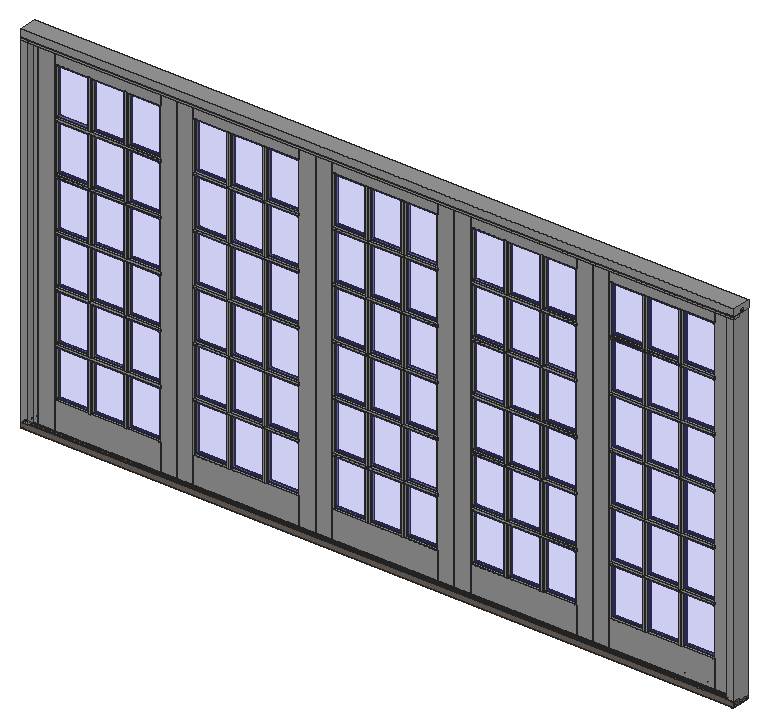
Revit family "VSFA 4190 SP LH", category Doors, host Wall, Revit 2015 (continued)
Automatic sketch dimensions
  plane 5 to Sweep 69 sketch curve = 735 mm
  Sweep 69 sketch curve to Sweep 69 sketch curve = 284.012 mm
  Sweep 69 sketch curve to profile plane = 0 mm
  Sweep 69 sketch curve to profile plane = 0.241 mm
  Sweep 69 sketch curve to Sweep 69 sketch curve = 6.759 mm
  Sweep 69 sketch curve to Sweep 69 sketch curve = 2 mm  (x2)
  Sweep 69 sketch curve to profile plane = 86 mm
  Sweep 69 sketch curve to Sweep 69 sketch curve = 6 mm
  plane 2 "Center (Left/Right)" to Sweep 70 sketch curve = 114.66 mm
  Sweep 70 sketch curve to plane 2 "Center (Left/Right)" = 83.68 mm
  plane 5 to Sweep 70 sketch curve = 735 mm
  Sweep 70 sketch curve to Sweep 70 sketch curve = 284.012 mm
  Sweep 70 sketch curve to profile plane = 0 mm
  Sweep 70 sketch curve to profile plane = 0.241 mm
  Sweep 70 sketch curve to Sweep 70 sketch curve = 6.759 mm
  Sweep 70 sketch curve to Sweep 70 sketch curve = 2 mm  (x2)
  Sweep 70 sketch curve to profile plane = 86 mm
  Sweep 70 sketch curve to Sweep 70 sketch curve = 6 mm
  Sweep 71 sketch curve to plane 2 "Center (Left/Right)" = 96.68 mm
  plane 11 to Sweep 71 sketch curve = 95.98 mm
  plane 5 to Sweep 71 sketch curve = 735 mm
  Sweep 71 sketch curve to Sweep 71 sketch curve = 284.012 mm
  Sweep 71 sketch curve to profile plane = 0 mm
  Sweep 71 sketch curve to profile plane = 0.241 mm
  Sweep 71 sketch curve to Sweep 71 sketch curve = 6.759 mm
  Sweep 71 sketch curve to Sweep 71 sketch curve = 2 mm  (x2)
  Sweep 71 sketch curve to profile plane = 86 mm
  Sweep 71 sketch curve to Sweep 71 sketch curve = 6 mm
  host wall to Extrusion 72 sketch curve = 7.5 mm
  plane 2 "Center (Left/Right)" to Extrusion 72 sketch curve = 136.66 mm
  Extrusion 72 sketch curve to Extrusion 72 sketch curve = 2 mm  (x10)
  Extrusion 72 sketch curve to Extrusion 72 sketch curve = 6.759 mm  (x4)
  Extrusion 72 sketch curve to Extrusion 72 sketch curve = 0.241 mm  (x6)
  Extrusion 72 sketch curve to Extrusion 72 sketch curve = 13 mm  (x3)
  Extrusion 72 sketch curve to Extrusion 72 sketch curve = 0 mm
  host wall to Extrusion 72 sketch curve = 5.5 mm  (x3)
  Extrusion 72 sketch curve to plane 2 "Center (Left/Right)" = 74.68 mm
  Extrusion 72 sketch curve to host wall = 24.5 mm  (x2)
  Extrusion 72 sketch curve to Extrusion 72 sketch curve = 1.197 mm  (x4)
  Sweep 73 sketch curve to plane 12 = 96 mm
  plane 2 "Center (Left/Right)" to Sweep 73 sketch curve = 127.66 mm
  plane 5 to Sweep 73 sketch curve = 1032 mm
  Sweep 73 sketch curve to Sweep 73 sketch curve = 284.012 mm
  Sweep 73 sketch curve to profile plane = 0 mm
  Sweep 73 sketch curve to profile plane = 0.241 mm
  Sweep 73 sketch curve to Sweep 73 sketch curve = 6.759 mm
  Sweep 73 sketch curve to Sweep 73 sketch curve = 2 mm  (x2)
  Sweep 73 sketch curve to profile plane = 86 mm
  Sweep 73 sketch curve to Sweep 73 sketch curve = 6 mm
  plane 2 "Center (Left/Right)" to Sweep 74 sketch curve = 114.66 mm
  Sweep 74 sketch curve to plane 2 "Center (Left/Right)" = 83.68 mm
  plane 5 to Sweep 74 sketch curve = 1032 mm
  Sweep 74 sketch curve to Sweep 74 sketch curve = 284.012 mm
  Sweep 74 sketch curve to profile plane = 0 mm
  Sweep 74 sketch curve to profile plane = 0.241 mm
  Sweep 74 sketch curve to Sweep 74 sketch curve = 6.759 mm
  Sweep 74 sketch curve to Sweep 74 sketch curve = 2 mm  (x2)
  Sweep 74 sketch curve to profile plane = 86 mm
  Sweep 74 sketch curve to Sweep 74 sketch curve = 6 mm
  Sweep 75 sketch curve to plane 2 "Center (Left/Right)" = 96.68 mm
  plane 11 to Sweep 75 sketch curve = 95.98 mm
  plane 5 to Sweep 75 sketch curve = 1032 mm
  Sweep 75 sketch curve to Sweep 75 sketch curve = 284.012 mm
  Sweep 75 sketch curve to profile plane = 0 mm
  Sweep 75 sketch curve to profile plane = 0.241 mm
  Sweep 75 sketch curve to Sweep 75 sketch curve = 6.759 mm
  Sweep 75 sketch curve to Sweep 75 sketch curve = 2 mm  (x2)
  Sweep 75 sketch curve to profile plane = 86 mm
  Sweep 75 sketch curve to Sweep 75 sketch curve = 6 mm
  host wall to Extrusion 76 sketch curve = 7.5 mm
  plane 2 "Center (Left/Right)" to Extrusion 76 sketch curve = 136.66 mm
  Extrusion 76 sketch curve to Extrusion 76 sketch curve = 2 mm  (x10)
  Extrusion 76 sketch curve to Extrusion 76 sketch curve = 6.759 mm  (x4)
  Extrusion 76 sketch curve to Extrusion 76 sketch curve = 0.241 mm  (x6)
  Extrusion 76 sketch curve to Extrusion 76 sketch curve = 13 mm  (x3)
  Extrusion 76 sketch curve to Extrusion 76 sketch curve = 0 mm
  host wall to Extrusion 76 sketch curve = 5.5 mm  (x3)
  Extrusion 76 sketch curve to plane 2 "Center (Left/Right)" = 74.68 mm
  Extrusion 76 sketch curve to host wall = 24.5 mm  (x2)
  Extrusion 76 sketch curve to Extrusion 76 sketch curve = 1.197 mm  (x4)
  Sweep 77 sketch curve to plane 12 = 96 mm
  plane 2 "Center (Left/Right)" to Sweep 77 sketch curve = 127.66 mm
  level to Sweep 77 sketch curve = 771 mm
  Sweep 77 sketch curve to Sweep 77 sketch curve = 284.012 mm
  Sweep 77 sketch curve to profile plane = 0 mm
  Sweep 77 sketch curve to profile plane = 0.241 mm
  Sweep 77 sketch curve to Sweep 77 sketch curve = 6.759 mm
  Sweep 77 sketch curve to Sweep 77 sketch curve = 2 mm  (x2)
  Sweep 77 sketch curve to profile plane = 86 mm
  Sweep 77 sketch curve to Sweep 77 sketch curve = 6 mm
  plane 2 "Center (Left/Right)" to Sweep 78 sketch curve = 114.66 mm
  Sweep 78 sketch curve to plane 2 "Center (Left/Right)" = 83.68 mm
  level to Sweep 78 sketch curve = 771 mm
  Sweep 78 sketch curve to Sweep 78 sketch curve = 284.012 mm
  Sweep 78 sketch curve to profile plane = 0 mm
  Sweep 78 sketch curve to profile plane = 0.241 mm
  Sweep 78 sketch curve to Sweep 78 sketch curve = 6.759 mm
  Sweep 78 sketch curve to Sweep 78 sketch curve = 2 mm  (x2)
  Sweep 78 sketch curve to profile plane = 86 mm
  Sweep 78 sketch curve to Sweep 78 sketch curve = 6 mm
  Sweep 79 sketch curve to plane 2 "Center (Left/Right)" = 96.68 mm
  plane 11 to Sweep 79 sketch curve = 95.98 mm
  level to Sweep 79 sketch curve = 771 mm
  Sweep 79 sketch curve to Sweep 79 sketch curve = 284.012 mm
  Sweep 79 sketch curve to profile plane = 0 mm
  Sweep 79 sketch curve to profile plane = 0.241 mm
  Sweep 79 sketch curve to Sweep 79 sketch curve = 6.759 mm
  Sweep 79 sketch curve to Sweep 79 sketch curve = 2 mm  (x2)
  Sweep 79 sketch curve to profile plane = 86 mm
  Sweep 79 sketch curve to Sweep 79 sketch curve = 6 mm
  host wall to Extrusion 80 sketch curve = 15.5 mm  (x7)
  Extrusion 80 sketch curve to Extrusion 80 sketch curve = 2 mm  (x28)
  host wall to Extrusion 80 sketch curve = 7.5 mm  (x12)
  host wall to Extrusion 80 sketch curve = 6.697 mm  (x12)
  Extrusion 80 sketch curve to Extrusion 80 sketch curve = 1.197 mm  (x8)
  Extrusion 80 sketch curve to host wall = 24.5 mm  (x7)
  plane 5 to Extrusion 80 sketch curve = 45 mm
  Extrusion 80 sketch curve to Extrusion 80 sketch curve = 96 mm
  Extrusion 80 sketch curve to Extrusion 80 sketch curve = 0 mm  (x6)
  Extrusion 80 sketch curve to Extrusion 80 sketch curve = 0.241 mm  (x12)
  Extrusion 80 sketch curve to Extrusion 80 sketch curve = 266 mm  (x5)
  Extrusion 80 sketch curve to Extrusion 80 sketch curve = 6.759 mm  (x6)
  Extrusion 80 sketch curve to Extrusion 80 sketch curve = 13 mm  (x5)
  level to Extrusion 80 sketch curve = 199 mm
  level to Extrusion 80 sketch curve = 19 mm
  Extrusion 81 sketch curve to plane 9 = 96 mm  (x2)
  Extrusion 81 sketch curve to Extrusion 81 sketch curve = 0 mm  (x31)
  Extrusion 81 sketch curve to Extrusion 81 sketch curve = 198.34 mm  (x6)
  Extrusion 81 sketch curve to Extrusion 81 sketch curve = 13 mm  (x7)
  plane 14 to Extrusion 81 sketch curve = 95.98 mm  (x3)
  plane 5 to Extrusion 81 sketch curve = 141 mm  (x2)
  Extrusion 81 sketch curve to Extrusion 81 sketch curve = 284.012 mm  (x5)
  Extrusion 81 sketch curve to Extrusion 81 sketch curve = 12.988 mm  (x15)
  level to Extrusion 81 sketch curve = 189.988 mm
  host wall to Extrusion 82 sketch curve = 7.5 mm
  Extrusion 82 sketch curve to plane 9 = 285.34 mm
  Extrusion 82 sketch curve to Extrusion 82 sketch curve = 2 mm  (x10)
  Extrusion 82 sketch curve to Extrusion 82 sketch curve = 6.759 mm  (x4)
  Extrusion 82 sketch curve to Extrusion 82 sketch curve = 0.241 mm  (x6)
  Extrusion 82 sketch curve to Extrusion 82 sketch curve = 13 mm  (x3)
  Extrusion 82 sketch curve to Extrusion 82 sketch curve = 0 mm
  host wall to Extrusion 82 sketch curve = 5.5 mm  (x3)
  Extrusion 82 sketch curve to Extrusion 82 sketch curve = 180.34 mm
  Extrusion 82 sketch curve to host wall = 24.5 mm  (x2)
  Extrusion 82 sketch curve to Extrusion 82 sketch curve = 1.197 mm  (x4)
  Sweep 83 sketch curve to plane 9 = 96 mm
  Sweep 83 sketch curve to Sweep 83 sketch curve = 198.34 mm
  plane 5 to Sweep 83 sketch curve = 141 mm
  Sweep 83 sketch curve to Sweep 83 sketch curve = 284.012 mm
  Sweep 83 sketch curve to profile plane = 0 mm
  Sweep 83 sketch curve to profile plane = 0.241 mm
  Sweep 83 sketch curve to Sweep 83 sketch curve = 6.759 mm
  Sweep 83 sketch curve to Sweep 83 sketch curve = 2 mm  (x2)
  Sweep 83 sketch curve to profile plane = 86 mm
  Sweep 83 sketch curve to Sweep 83 sketch curve = 6 mm
  Sweep 84 sketch curve to plane 9 = 307.34 mm
  Sweep 84 sketch curve to Sweep 84 sketch curve = 198.34 mm
  plane 5 to Sweep 84 sketch curve = 141 mm
  Sweep 84 sketch curve to Sweep 84 sketch curve = 284.012 mm
  Sweep 84 sketch curve to profile plane = 0 mm
  Sweep 84 sketch curve to profile plane = 0.241 mm
  Sweep 84 sketch curve to Sweep 84 sketch curve = 6.759 mm
  Sweep 84 sketch curve to Sweep 84 sketch curve = 2 mm  (x2)
  Sweep 84 sketch curve to profile plane = 86 mm
  Sweep 84 sketch curve to Sweep 84 sketch curve = 6 mm
  plane 14 to Sweep 85 sketch curve = 294.32 mm
  plane 14 to Sweep 85 sketch curve = 95.98 mm
  plane 5 to Sweep 85 sketch curve = 141 mm
  Sweep 85 sketch curve to Sweep 85 sketch curve = 284.012 mm
  Sweep 85 sketch curve to profile plane = 0 mm
  Sweep 85 sketch curve to profile plane = 0.241 mm
  Sweep 85 sketch curve to Sweep 85 sketch curve = 6.759 mm
  Sweep 85 sketch curve to Sweep 85 sketch curve = 2 mm  (x2)
  Sweep 85 sketch curve to profile plane = 86 mm
  Sweep 85 sketch curve to Sweep 85 sketch curve = 6 mm
  host wall to Extrusion 86 sketch curve = 7.5 mm
  Extrusion 86 sketch curve to plane 9 = 285.34 mm
  Extrusion 86 sketch curve to Extrusion 86 sketch curve = 2 mm  (x10)
  Extrusion 86 sketch curve to Extrusion 86 sketch curve = 6.759 mm  (x4)
  Extrusion 86 sketch curve to Extrusion 86 sketch curve = 0.241 mm  (x6)
  Extrusion 86 sketch curve to Extrusion 86 sketch curve = 13 mm  (x3)
  Extrusion 86 sketch curve to Extrusion 86 sketch curve = 0 mm
  host wall to Extrusion 86 sketch curve = 5.5 mm  (x3)
  Extrusion 86 sketch curve to Extrusion 86 sketch curve = 180.34 mm
  Extrusion 86 sketch curve to host wall = 24.5 mm  (x2)
  Extrusion 86 sketch curve to Extrusion 86 sketch curve = 1.197 mm  (x4)
  Sweep 87 sketch curve to plane 9 = 96 mm
  Sweep 87 sketch curve to Sweep 87 sketch curve = 198.34 mm
  plane 5 to Sweep 87 sketch curve = 438 mm
  Sweep 87 sketch curve to Sweep 87 sketch curve = 284.012 mm
  Sweep 87 sketch curve to profile plane = 0 mm
  Sweep 87 sketch curve to profile plane = 0.241 mm
  Sweep 87 sketch curve to Sweep 87 sketch curve = 6.759 mm
  Sweep 87 sketch curve to Sweep 87 sketch curve = 2 mm  (x2)
  Sweep 87 sketch curve to profile plane = 86 mm
  Sweep 87 sketch curve to Sweep 87 sketch curve = 6 mm
  Sweep 88 sketch curve to plane 9 = 307.34 mm
  Sweep 88 sketch curve to Sweep 88 sketch curve = 198.34 mm
  plane 5 to Sweep 88 sketch curve = 438 mm
  Sweep 88 sketch curve to Sweep 88 sketch curve = 284.012 mm
  Sweep 88 sketch curve to profile plane = 0 mm
  Sweep 88 sketch curve to profile plane = 0.241 mm
  Sweep 88 sketch curve to Sweep 88 sketch curve = 6.759 mm
  Sweep 88 sketch curve to Sweep 88 sketch curve = 2 mm  (x2)
  Sweep 88 sketch curve to profile plane = 86 mm
  Sweep 88 sketch curve to Sweep 88 sketch curve = 6 mm
  plane 14 to Sweep 89 sketch curve = 294.32 mm
  plane 14 to Sweep 89 sketch curve = 95.98 mm
  plane 5 to Sweep 89 sketch curve = 438 mm
  Sweep 89 sketch curve to Sweep 89 sketch curve = 284.012 mm
  Sweep 89 sketch curve to profile plane = 0 mm
  Sweep 89 sketch curve to profile plane = 0.241 mm
  Sweep 89 sketch curve to Sweep 89 sketch curve = 6.759 mm
  Sweep 89 sketch curve to Sweep 89 sketch curve = 2 mm  (x2)
  Sweep 89 sketch curve to profile plane = 86 mm
  Sweep 89 sketch curve to Sweep 89 sketch curve = 6 mm
  host wall to Extrusion 90 sketch curve = 7.5 mm
  Extrusion 90 sketch curve to plane 9 = 285.34 mm
  Extrusion 90 sketch curve to Extrusion 90 sketch curve = 2 mm  (x10)
  Extrusion 90 sketch curve to Extrusion 90 sketch curve = 6.759 mm  (x4)
  Extrusion 90 sketch curve to Extrusion 90 sketch curve = 0.241 mm  (x6)
  Extrusion 90 sketch curve to Extrusion 90 sketch curve = 13 mm  (x3)
  Extrusion 90 sketch curve to Extrusion 90 sketch curve = 0 mm
  host wall to Extrusion 90 sketch curve = 5.5 mm  (x3)
  Extrusion 90 sketch curve to Extrusion 90 sketch curve = 180.34 mm
  Extrusion 90 sketch curve to host wall = 24.5 mm  (x2)
  Extrusion 90 sketch curve to Extrusion 90 sketch curve = 1.197 mm  (x4)
  Sweep 91 sketch curve to plane 9 = 96 mm
  Sweep 91 sketch curve to Sweep 91 sketch curve = 198.34 mm
  plane 5 to Sweep 91 sketch curve = 735 mm
  Sweep 91 sketch curve to Sweep 91 sketch curve = 284.012 mm
  Sweep 91 sketch curve to profile plane = 0 mm
  Sweep 91 sketch curve to profile plane = 0.241 mm
  Sweep 91 sketch curve to Sweep 91 sketch curve = 6.759 mm
  Sweep 91 sketch curve to Sweep 91 sketch curve = 2 mm  (x2)
  Sweep 91 sketch curve to profile plane = 86 mm
  Sweep 91 sketch curve to Sweep 91 sketch curve = 6 mm
  Sweep 92 sketch curve to plane 9 = 307.34 mm
  Sweep 92 sketch curve to Sweep 92 sketch curve = 198.34 mm
  plane 5 to Sweep 92 sketch curve = 735 mm
  Sweep 92 sketch curve to Sweep 92 sketch curve = 284.012 mm
  Sweep 92 sketch curve to profile plane = 0 mm
  Sweep 92 sketch curve to profile plane = 0.241 mm
  Sweep 92 sketch curve to Sweep 92 sketch curve = 6.759 mm
  Sweep 92 sketch curve to Sweep 92 sketch curve = 2 mm  (x2)
  Sweep 92 sketch curve to profile plane = 86 mm
  Sweep 92 sketch curve to Sweep 92 sketch curve = 6 mm
  plane 14 to Sweep 93 sketch curve = 294.32 mm
  plane 14 to Sweep 93 sketch curve = 95.98 mm
  plane 5 to Sweep 93 sketch curve = 735 mm
  Sweep 93 sketch curve to Sweep 93 sketch curve = 284.012 mm
  Sweep 93 sketch curve to profile plane = 0 mm
  Sweep 93 sketch curve to profile plane = 0.241 mm
  Sweep 93 sketch curve to Sweep 93 sketch curve = 6.759 mm
  Sweep 93 sketch curve to Sweep 93 sketch curve = 2 mm  (x2)
  Sweep 93 sketch curve to profile plane = 86 mm
  Sweep 93 sketch curve to Sweep 93 sketch curve = 6 mm
  host wall to Extrusion 94 sketch curve = 7.5 mm
  Extrusion 94 sketch curve to plane 9 = 285.34 mm
  Extrusion 94 sketch curve to Extrusion 94 sketch curve = 2 mm  (x10)
  Extrusion 94 sketch curve to Extrusion 94 sketch curve = 6.759 mm  (x4)
  Extrusion 94 sketch curve to Extrusion 94 sketch curve = 0.241 mm  (x6)
  Extrusion 94 sketch curve to Extrusion 94 sketch curve = 13 mm  (x3)
  Extrusion 94 sketch curve to Extrusion 94 sketch curve = 0 mm
  host wall to Extrusion 94 sketch curve = 5.5 mm  (x3)
  Extrusion 94 sketch curve to Extrusion 94 sketch curve = 180.34 mm
  Extrusion 94 sketch curve to host wall = 24.5 mm  (x2)
  Extrusion 94 sketch curve to Extrusion 94 sketch curve = 1.197 mm  (x4)
  Sweep 95 sketch curve to plane 9 = 96 mm
  Sweep 95 sketch curve to Sweep 95 sketch curve = 198.34 mm
  plane 5 to Sweep 95 sketch curve = 1032 mm
  Sweep 95 sketch curve to Sweep 95 sketch curve = 284.012 mm
  Sweep 95 sketch curve to profile plane = 0 mm
  Sweep 95 sketch curve to profile plane = 0.241 mm
  Sweep 95 sketch curve to Sweep 95 sketch curve = 6.759 mm
  Sweep 95 sketch curve to Sweep 95 sketch curve = 2 mm  (x2)
  Sweep 95 sketch curve to profile plane = 86 mm
  Sweep 95 sketch curve to Sweep 95 sketch curve = 6 mm
  Sweep 96 sketch curve to plane 9 = 307.34 mm
  Sweep 96 sketch curve to Sweep 96 sketch curve = 198.34 mm
  plane 5 to Sweep 96 sketch curve = 1032 mm
  Sweep 96 sketch curve to Sweep 96 sketch curve = 284.012 mm
  Sweep 96 sketch curve to profile plane = 0 mm
  Sweep 96 sketch curve to profile plane = 0.241 mm
  Sweep 96 sketch curve to Sweep 96 sketch curve = 6.759 mm
  Sweep 96 sketch curve to Sweep 96 sketch curve = 2 mm  (x2)
  Sweep 96 sketch curve to profile plane = 86 mm
  Sweep 96 sketch curve to Sweep 96 sketch curve = 6 mm
  plane 14 to Sweep 97 sketch curve = 294.32 mm
  plane 14 to Sweep 97 sketch curve = 95.98 mm
  plane 5 to Sweep 97 sketch curve = 1032 mm
  Sweep 97 sketch curve to Sweep 97 sketch curve = 284.012 mm
  Sweep 97 sketch curve to profile plane = 0 mm
  Sweep 97 sketch curve to profile plane = 0.241 mm
  Sweep 97 sketch curve to Sweep 97 sketch curve = 6.759 mm
  Sweep 97 sketch curve to Sweep 97 sketch curve = 2 mm  (x2)
  Sweep 97 sketch curve to profile plane = 86 mm
  Sweep 97 sketch curve to Sweep 97 sketch curve = 6 mm
  host wall to Extrusion 98 sketch curve = 7.5 mm
  Extrusion 98 sketch curve to plane 9 = 285.34 mm
  Extrusion 98 sketch curve to Extrusion 98 sketch curve = 2 mm  (x10)
  Extrusion 98 sketch curve to Extrusion 98 sketch curve = 6.759 mm  (x4)
  Extrusion 98 sketch curve to Extrusion 98 sketch curve = 0.241 mm  (x6)
  Extrusion 98 sketch curve to Extrusion 98 sketch curve = 13 mm  (x3)
  Extrusion 98 sketch curve to Extrusion 98 sketch curve = 0 mm
  host wall to Extrusion 98 sketch curve = 5.5 mm  (x3)
  Extrusion 98 sketch curve to Extrusion 98 sketch curve = 180.34 mm
  Extrusion 98 sketch curve to host wall = 24.5 mm  (x2)
  Extrusion 98 sketch curve to Extrusion 98 sketch curve = 1.197 mm  (x4)
  Sweep 99 sketch curve to plane 9 = 96 mm
  Sweep 99 sketch curve to Sweep 99 sketch curve = 198.34 mm
  level to Sweep 99 sketch curve = 771 mm
  Sweep 99 sketch curve to Sweep 99 sketch curve = 284.012 mm
  Sweep 99 sketch curve to profile plane = 0 mm
  Sweep 99 sketch curve to profile plane = 0.241 mm
  Sweep 99 sketch curve to Sweep 99 sketch curve = 6.759 mm
  Sweep 99 sketch curve to Sweep 99 sketch curve = 2 mm  (x2)
  Sweep 99 sketch curve to profile plane = 86 mm
  Sweep 99 sketch curve to Sweep 99 sketch curve = 6 mm
  Sweep 100 sketch curve to plane 9 = 307.34 mm
  Sweep 100 sketch curve to Sweep 100 sketch curve = 198.34 mm
  level to Sweep 100 sketch curve = 771 mm
  Sweep 100 sketch curve to Sweep 100 sketch curve = 284.012 mm
  Sweep 100 sketch curve to profile plane = 0 mm
  Sweep 100 sketch curve to profile plane = 0.241 mm
  Sweep 100 sketch curve to Sweep 100 sketch curve = 6.759 mm
  Sweep 100 sketch curve to Sweep 100 sketch curve = 2 mm  (x2)
  Sweep 100 sketch curve to profile plane = 86 mm
  Sweep 100 sketch curve to Sweep 100 sketch curve = 6 mm
  plane 14 to Sweep 101 sketch curve = 294.32 mm
  plane 14 to Sweep 101 sketch curve = 95.98 mm
  level to Sweep 101 sketch curve = 771 mm
  Sweep 101 sketch curve to Sweep 101 sketch curve = 284.012 mm
  Sweep 101 sketch curve to profile plane = 0 mm
  Sweep 101 sketch curve to profile plane = 0.241 mm
  Sweep 101 sketch curve to Sweep 101 sketch curve = 6.759 mm
  Sweep 101 sketch curve to Sweep 101 sketch curve = 2 mm  (x2)
  Sweep 101 sketch curve to profile plane = 86 mm
  Sweep 101 sketch curve to Sweep 101 sketch curve = 6 mm
  host wall to Extrusion 102 sketch curve = 15.5 mm  (x7)
  Extrusion 102 sketch curve to Extrusion 102 sketch curve = 2 mm  (x28)
  host wall to Extrusion 102 sketch curve = 7.5 mm  (x12)
  host wall to Extrusion 102 sketch curve = 6.697 mm  (x12)
  Extrusion 102 sketch curve to Extrusion 102 sketch curve = 1.197 mm  (x8)
  Extrusion 102 sketch curve to host wall = 24.5 mm  (x7)
  plane 5 to Extrusion 102 sketch curve = 45 mm
  Extrusion 102 sketch curve to Extrusion 102 sketch curve = 96 mm
  Extrusion 102 sketch curve to Extrusion 102 sketch curve = 0 mm  (x6)
  Extrusion 102 sketch curve to Extrusion 102 sketch curve = 0.241 mm  (x12)
  Extrusion 102 sketch curve to Extrusion 102 sketch curve = 266 mm  (x5)
  Extrusion 102 sketch curve to Extrusion 102 sketch curve = 6.759 mm  (x6)
  Extrusion 102 sketch curve to Extrusion 102 sketch curve = 13 mm  (x5)
  level to Extrusion 102 sketch curve = 199 mm
  level to Extrusion 102 sketch curve = 19 mm
  plane 4 "Right" to Extrusion 103 sketch curve = 141 mm  (x2)
  Extrusion 103 sketch curve to Extrusion 103 sketch curve = 0 mm  (x31)
  Extrusion 103 sketch curve to Extrusion 103 sketch curve = 198.34 mm  (x6)
  Extrusion 103 sketch curve to Extrusion 103 sketch curve = 13 mm  (x7)
  plane 15 to Extrusion 103 sketch curve = 95.98 mm  (x3)
  plane 5 to Extrusion 103 sketch curve = 141 mm  (x2)
  Extrusion 103 sketch curve to Extrusion 103 sketch curve = 284.012 mm  (x5)
  Extrusion 103 sketch curve to Extrusion 103 sketch curve = 12.988 mm  (x15)
  level to Extrusion 103 sketch curve = 189.988 mm
  host wall to Extrusion 104 sketch curve = 7.5 mm
  plane 4 "Right" to Extrusion 104 sketch curve = 330.34 mm
  Extrusion 104 sketch curve to Extrusion 104 sketch curve = 2 mm  (x10)
  Extrusion 104 sketch curve to Extrusion 104 sketch curve = 6.759 mm  (x4)
  Extrusion 104 sketch curve to Extrusion 104 sketch curve = 0.241 mm  (x6)
  Extrusion 104 sketch curve to Extrusion 104 sketch curve = 13 mm  (x3)
  Extrusion 104 sketch curve to Extrusion 104 sketch curve = 0 mm
  host wall to Extrusion 104 sketch curve = 5.5 mm  (x3)
  Extrusion 104 sketch curve to Extrusion 104 sketch curve = 180.34 mm
  Extrusion 104 sketch curve to host wall = 24.5 mm  (x2)
  Extrusion 104 sketch curve to Extrusion 104 sketch curve = 1.197 mm  (x4)
  plane 4 "Right" to Sweep 105 sketch curve = 141 mm
  Sweep 105 sketch curve to Sweep 105 sketch curve = 198.34 mm
  plane 5 to Sweep 105 sketch curve = 141 mm
  Sweep 105 sketch curve to Sweep 105 sketch curve = 284.012 mm
  Sweep 105 sketch curve to profile plane = 0 mm
  Sweep 105 sketch curve to profile plane = 0.241 mm
  Sweep 105 sketch curve to Sweep 105 sketch curve = 6.759 mm
  Sweep 105 sketch curve to Sweep 105 sketch curve = 2 mm  (x2)
  Sweep 105 sketch curve to profile plane = 86 mm
  Sweep 105 sketch curve to Sweep 105 sketch curve = 6 mm
  plane 4 "Right" to Sweep 106 sketch curve = 352.34 mm
  Sweep 106 sketch curve to Sweep 106 sketch curve = 198.34 mm
  plane 5 to Sweep 106 sketch curve = 141 mm
  Sweep 106 sketch curve to Sweep 106 sketch curve = 284.012 mm
  Sweep 106 sketch curve to profile plane = 0 mm
  Sweep 106 sketch curve to profile plane = 0.241 mm
  Sweep 106 sketch curve to Sweep 106 sketch curve = 6.759 mm
  Sweep 106 sketch curve to Sweep 106 sketch curve = 2 mm  (x2)
  Sweep 106 sketch curve to profile plane = 86 mm
  Sweep 106 sketch curve to Sweep 106 sketch curve = 6 mm
  plane 15 to Sweep 107 sketch curve = 294.32 mm
  plane 15 to Sweep 107 sketch curve = 95.98 mm
  plane 5 to Sweep 107 sketch curve = 141 mm
  Sweep 107 sketch curve to Sweep 107 sketch curve = 284.012 mm
  Sweep 107 sketch curve to profile plane = 0 mm
  Sweep 107 sketch curve to profile plane = 0.241 mm
  Sweep 107 sketch curve to Sweep 107 sketch curve = 6.759 mm
  Sweep 107 sketch curve to Sweep 107 sketch curve = 2 mm  (x2)
  Sweep 107 sketch curve to profile plane = 86 mm
  Sweep 107 sketch curve to Sweep 107 sketch curve = 6 mm
  host wall to Extrusion 108 sketch curve = 7.5 mm
  plane 4 "Right" to Extrusion 108 sketch curve = 330.34 mm
  Extrusion 108 sketch curve to Extrusion 108 sketch curve = 2 mm  (x10)
  Extrusion 108 sketch curve to Extrusion 108 sketch curve = 6.759 mm  (x4)
  Extrusion 108 sketch curve to Extrusion 108 sketch curve = 0.241 mm  (x6)
  Extrusion 108 sketch curve to Extrusion 108 sketch curve = 13 mm  (x3)
  Extrusion 108 sketch curve to Extrusion 108 sketch curve = 0 mm
  host wall to Extrusion 108 sketch curve = 5.5 mm  (x3)
  Extrusion 108 sketch curve to Extrusion 108 sketch curve = 180.34 mm
  Extrusion 108 sketch curve to host wall = 24.5 mm  (x2)
  Extrusion 108 sketch curve to Extrusion 108 sketch curve = 1.197 mm  (x4)
  plane 4 "Right" to Sweep 109 sketch curve = 141 mm
  Sweep 109 sketch curve to Sweep 109 sketch curve = 198.34 mm
  plane 5 to Sweep 109 sketch curve = 438 mm
  Sweep 109 sketch curve to Sweep 109 sketch curve = 284.012 mm
  Sweep 109 sketch curve to profile plane = 0 mm
  Sweep 109 sketch curve to profile plane = 0.241 mm
  Sweep 109 sketch curve to Sweep 109 sketch curve = 6.759 mm
  Sweep 109 sketch curve to Sweep 109 sketch curve = 2 mm  (x2)
  Sweep 109 sketch curve to profile plane = 86 mm
  Sweep 109 sketch curve to Sweep 109 sketch curve = 6 mm
  plane 4 "Right" to Sweep 110 sketch curve = 352.34 mm
  Sweep 110 sketch curve to Sweep 110 sketch curve = 198.34 mm
  plane 5 to Sweep 110 sketch curve = 438 mm
  Sweep 110 sketch curve to Sweep 110 sketch curve = 284.012 mm
  Sweep 110 sketch curve to profile plane = 0 mm
  Sweep 110 sketch curve to profile plane = 0.241 mm
  Sweep 110 sketch curve to Sweep 110 sketch curve = 6.759 mm
  Sweep 110 sketch curve to Sweep 110 sketch curve = 2 mm  (x2)
  Sweep 110 sketch curve to profile plane = 86 mm
  Sweep 110 sketch curve to Sweep 110 sketch curve = 6 mm
  plane 15 to Sweep 111 sketch curve = 294.32 mm
  plane 15 to Sweep 111 sketch curve = 95.98 mm
  plane 5 to Sweep 111 sketch curve = 438 mm
  Sweep 111 sketch curve to Sweep 111 sketch curve = 284.012 mm
  Sweep 111 sketch curve to profile plane = 0 mm
  Sweep 111 sketch curve to profile plane = 0.241 mm
  Sweep 111 sketch curve to Sweep 111 sketch curve = 6.759 mm
  Sweep 111 sketch curve to Sweep 111 sketch curve = 2 mm  (x2)
  Sweep 111 sketch curve to profile plane = 86 mm
  Sweep 111 sketch curve to Sweep 111 sketch curve = 6 mm
  host wall to Extrusion 112 sketch curve = 7.5 mm
  plane 4 "Right" to Extrusion 112 sketch curve = 330.34 mm
  Extrusion 112 sketch curve to Extrusion 112 sketch curve = 2 mm  (x10)
  Extrusion 112 sketch curve to Extrusion 112 sketch curve = 6.759 mm  (x4)
  Extrusion 112 sketch curve to Extrusion 112 sketch curve = 0.241 mm  (x6)
  Extrusion 112 sketch curve to Extrusion 112 sketch curve = 13 mm  (x3)
  Extrusion 112 sketch curve to Extrusion 112 sketch curve = 0 mm
  host wall to Extrusion 112 sketch curve = 5.5 mm  (x3)
  Extrusion 112 sketch curve to Extrusion 112 sketch curve = 180.34 mm
  Extrusion 112 sketch curve to host wall = 24.5 mm  (x2)
  Extrusion 112 sketch curve to Extrusion 112 sketch curve = 1.197 mm  (x4)
  plane 4 "Right" to Sweep 113 sketch curve = 141 mm
  Sweep 113 sketch curve to Sweep 113 sketch curve = 198.34 mm
  plane 5 to Sweep 113 sketch curve = 735 mm
  Sweep 113 sketch curve to Sweep 113 sketch curve = 284.012 mm
  Sweep 113 sketch curve to profile plane = 0 mm
  Sweep 113 sketch curve to profile plane = 0.241 mm
  Sweep 113 sketch curve to Sweep 113 sketch curve = 6.759 mm
  Sweep 113 sketch curve to Sweep 113 sketch curve = 2 mm  (x2)
  Sweep 113 sketch curve to profile plane = 86 mm
  Sweep 113 sketch curve to Sweep 113 sketch curve = 6 mm
  plane 4 "Right" to Sweep 114 sketch curve = 352.34 mm
  Sweep 114 sketch curve to Sweep 114 sketch curve = 198.34 mm
  plane 5 to Sweep 114 sketch curve = 735 mm
  Sweep 114 sketch curve to Sweep 114 sketch curve = 284.012 mm
  Sweep 114 sketch curve to profile plane = 0 mm
  Sweep 114 sketch curve to profile plane = 0.241 mm
  Sweep 114 sketch curve to Sweep 114 sketch curve = 6.759 mm
  Sweep 114 sketch curve to Sweep 114 sketch curve = 2 mm  (x2)
  Sweep 114 sketch curve to profile plane = 86 mm
  Sweep 114 sketch curve to Sweep 114 sketch curve = 6 mm
  plane 15 to Sweep 115 sketch curve = 294.32 mm
  plane 15 to Sweep 115 sketch curve = 95.98 mm
  plane 5 to Sweep 115 sketch curve = 735 mm
  Sweep 115 sketch curve to Sweep 115 sketch curve = 284.012 mm
  Sweep 115 sketch curve to profile plane = 0 mm
  Sweep 115 sketch curve to profile plane = 0.241 mm
  Sweep 115 sketch curve to Sweep 115 sketch curve = 6.759 mm
  Sweep 115 sketch curve to Sweep 115 sketch curve = 2 mm  (x2)
  Sweep 115 sketch curve to profile plane = 86 mm
  Sweep 115 sketch curve to Sweep 115 sketch curve = 6 mm
  host wall to Extrusion 116 sketch curve = 7.5 mm
  plane 4 "Right" to Extrusion 116 sketch curve = 330.34 mm
  Extrusion 116 sketch curve to Extrusion 116 sketch curve = 2 mm  (x10)
  Extrusion 116 sketch curve to Extrusion 116 sketch curve = 6.759 mm  (x4)
  Extrusion 116 sketch curve to Extrusion 116 sketch curve = 0.241 mm  (x6)
  Extrusion 116 sketch curve to Extrusion 116 sketch curve = 13 mm  (x3)
  Extrusion 116 sketch curve to Extrusion 116 sketch curve = 0 mm
  host wall to Extrusion 116 sketch curve = 5.5 mm  (x3)
  Extrusion 116 sketch curve to Extrusion 116 sketch curve = 180.34 mm
  Extrusion 116 sketch curve to host wall = 24.5 mm  (x2)
  Extrusion 116 sketch curve to Extrusion 116 sketch curve = 1.197 mm  (x4)
  plane 4 "Right" to Sweep 117 sketch curve = 141 mm
  Sweep 117 sketch curve to Sweep 117 sketch curve = 198.34 mm
  plane 5 to Sweep 117 sketch curve = 1032 mm
  Sweep 117 sketch curve to Sweep 117 sketch curve = 284.012 mm
  Sweep 117 sketch curve to profile plane = 0 mm
  Sweep 117 sketch curve to profile plane = 0.241 mm
  Sweep 117 sketch curve to Sweep 117 sketch curve = 6.759 mm
  Sweep 117 sketch curve to Sweep 117 sketch curve = 2 mm  (x2)
  Sweep 117 sketch curve to profile plane = 86 mm
  Sweep 117 sketch curve to Sweep 117 sketch curve = 6 mm
  plane 4 "Right" to Sweep 118 sketch curve = 352.34 mm
  Sweep 118 sketch curve to Sweep 118 sketch curve = 198.34 mm
  plane 5 to Sweep 118 sketch curve = 1032 mm
  Sweep 118 sketch curve to Sweep 118 sketch curve = 284.012 mm
  Sweep 118 sketch curve to profile plane = 0 mm
  Sweep 118 sketch curve to profile plane = 0.241 mm
  Sweep 118 sketch curve to Sweep 118 sketch curve = 6.759 mm
  Sweep 118 sketch curve to Sweep 118 sketch curve = 2 mm  (x2)
  Sweep 118 sketch curve to profile plane = 86 mm
  Sweep 118 sketch curve to Sweep 118 sketch curve = 6 mm
  plane 15 to Sweep 119 sketch curve = 294.32 mm
  plane 15 to Sweep 119 sketch curve = 95.98 mm
  plane 5 to Sweep 119 sketch curve = 1032 mm
  Sweep 119 sketch curve to Sweep 119 sketch curve = 284.012 mm
  Sweep 119 sketch curve to profile plane = 0 mm
  Sweep 119 sketch curve to profile plane = 0.241 mm
  Sweep 119 sketch curve to Sweep 119 sketch curve = 6.759 mm
  Sweep 119 sketch curve to Sweep 119 sketch curve = 2 mm  (x2)
  Sweep 119 sketch curve to profile plane = 86 mm
  Sweep 119 sketch curve to Sweep 119 sketch curve = 6 mm
  host wall to Extrusion 120 sketch curve = 7.5 mm
  plane 4 "Right" to Extrusion 120 sketch curve = 330.34 mm
  Extrusion 120 sketch curve to Extrusion 120 sketch curve = 2 mm  (x10)
  Extrusion 120 sketch curve to Extrusion 120 sketch curve = 6.759 mm  (x4)
  Extrusion 120 sketch curve to Extrusion 120 sketch curve = 0.241 mm  (x6)
  Extrusion 120 sketch curve to Extrusion 120 sketch curve = 13 mm  (x3)
  Extrusion 120 sketch curve to Extrusion 120 sketch curve = 0 mm
  host wall to Extrusion 120 sketch curve = 5.5 mm  (x3)
  Extrusion 120 sketch curve to Extrusion 120 sketch curve = 180.34 mm
  Extrusion 120 sketch curve to host wall = 24.5 mm  (x2)
  Extrusion 120 sketch curve to Extrusion 120 sketch curve = 1.197 mm  (x4)
  plane 4 "Right" to Sweep 121 sketch curve = 141 mm
  Sweep 121 sketch curve to Sweep 121 sketch curve = 198.34 mm
  level to Sweep 121 sketch curve = 771 mm
  Sweep 121 sketch curve to Sweep 121 sketch curve = 284.012 mm
  Sweep 121 sketch curve to profile plane = 0 mm
  Sweep 121 sketch curve to profile plane = 0.241 mm
  Sweep 121 sketch curve to Sweep 121 sketch curve = 6.759 mm
  Sweep 121 sketch curve to Sweep 121 sketch curve = 2 mm  (x2)
  Sweep 121 sketch curve to profile plane = 86 mm
  Sweep 121 sketch curve to Sweep 121 sketch curve = 6 mm
  plane 4 "Right" to Sweep 122 sketch curve = 352.34 mm
  Sweep 122 sketch curve to Sweep 122 sketch curve = 198.34 mm
  level to Sweep 122 sketch curve = 771 mm
  Sweep 122 sketch curve to Sweep 122 sketch curve = 284.012 mm
  Sweep 122 sketch curve to profile plane = 0 mm
  Sweep 122 sketch curve to profile plane = 0.241 mm
  Sweep 122 sketch curve to Sweep 122 sketch curve = 6.759 mm
  Sweep 122 sketch curve to Sweep 122 sketch curve = 2 mm  (x2)
  Sweep 122 sketch curve to profile plane = 86 mm
  Sweep 122 sketch curve to Sweep 122 sketch curve = 6 mm
  plane 15 to Sweep 123 sketch curve = 294.32 mm
  plane 15 to Sweep 123 sketch curve = 95.98 mm
  level to Sweep 123 sketch curve = 771 mm
  Sweep 123 sketch curve to Sweep 123 sketch curve = 284.012 mm
  Sweep 123 sketch curve to profile plane = 0 mm
  Sweep 123 sketch curve to profile plane = 0.241 mm
  Sweep 123 sketch curve to Sweep 123 sketch curve = 6.759 mm
  Sweep 123 sketch curve to Sweep 123 sketch curve = 2 mm  (x2)
  Sweep 123 sketch curve to profile plane = 86 mm
  Sweep 123 sketch curve to Sweep 123 sketch curve = 6 mm
  host wall to Extrusion 124 sketch curve = 7.5 mm
  Extrusion 124 sketch curve to plane 8 = 285.34 mm
  Extrusion 124 sketch curve to Extrusion 124 sketch curve = 2 mm  (x10)
  Extrusion 124 sketch curve to Extrusion 124 sketch curve = 6.759 mm  (x4)
  Extrusion 124 sketch curve to Extrusion 124 sketch curve = 0.241 mm  (x6)
  Extrusion 124 sketch curve to Extrusion 124 sketch curve = 13 mm  (x3)
  Extrusion 124 sketch curve to Extrusion 124 sketch curve = 0 mm
  host wall to Extrusion 124 sketch curve = 5.5 mm  (x3)
  Extrusion 124 sketch curve to Extrusion 124 sketch curve = 180.34 mm
  Extrusion 124 sketch curve to host wall = 24.5 mm  (x2)
  Extrusion 124 sketch curve to Extrusion 124 sketch curve = 1.197 mm  (x4)
  Sweep 125 sketch curve to plane 8 = 96 mm
  Sweep 125 sketch curve to Sweep 125 sketch curve = 198.34 mm
  level to Sweep 125 sketch curve = 474 mm
  level to Sweep 125 sketch curve = 189.988 mm
  Sweep 125 sketch curve to profile plane = 0 mm
  Sweep 125 sketch curve to profile plane = 0.241 mm
  Sweep 125 sketch curve to Sweep 125 sketch curve = 6.759 mm
  Sweep 125 sketch curve to Sweep 125 sketch curve = 2 mm  (x2)
  Sweep 125 sketch curve to profile plane = 86 mm
  Sweep 125 sketch curve to Sweep 125 sketch curve = 6 mm
  Sweep 126 sketch curve to plane 8 = 307.34 mm
  Sweep 126 sketch curve to Sweep 126 sketch curve = 198.34 mm
  level to Sweep 126 sketch curve = 474 mm
  level to Sweep 126 sketch curve = 189.988 mm
  Sweep 126 sketch curve to profile plane = 0 mm
  Sweep 126 sketch curve to profile plane = 0.241 mm
  Sweep 126 sketch curve to Sweep 126 sketch curve = 6.759 mm
  Sweep 126 sketch curve to Sweep 126 sketch curve = 2 mm  (x2)
  Sweep 126 sketch curve to profile plane = 86 mm
  Sweep 126 sketch curve to Sweep 126 sketch curve = 6 mm
  Sweep 127 sketch curve to plane 3 "Left" = 370.32 mm
  Sweep 127 sketch curve to plane 3 "Left" = 171.98 mm
  level to Sweep 127 sketch curve = 474 mm
  level to Sweep 127 sketch curve = 189.988 mm
  Sweep 127 sketch curve to profile plane = 0 mm
  Sweep 127 sketch curve to profile plane = 0.241 mm
  Sweep 127 sketch curve to Sweep 127 sketch curve = 6.759 mm
  Sweep 127 sketch curve to Sweep 127 sketch curve = 2 mm  (x2)
  Sweep 127 sketch curve to profile plane = 86 mm
  Sweep 127 sketch curve to Sweep 127 sketch curve = 6 mm
  host wall to Extrusion 128 sketch curve = 7.5 mm
  Extrusion 128 sketch curve to plane 13 = 285.34 mm
  Extrusion 128 sketch curve to Extrusion 128 sketch curve = 2 mm  (x10)
  Extrusion 128 sketch curve to Extrusion 128 sketch curve = 6.759 mm  (x4)
  Extrusion 128 sketch curve to Extrusion 128 sketch curve = 0.241 mm  (x6)
  Extrusion 128 sketch curve to Extrusion 128 sketch curve = 13 mm  (x3)
  Extrusion 128 sketch curve to Extrusion 128 sketch curve = 0 mm
  host wall to Extrusion 128 sketch curve = 5.5 mm  (x3)
  Extrusion 128 sketch curve to Extrusion 128 sketch curve = 180.34 mm
  Extrusion 128 sketch curve to host wall = 24.5 mm  (x2)
  Extrusion 128 sketch curve to Extrusion 128 sketch curve = 1.197 mm  (x4)
  Sweep 129 sketch curve to plane 13 = 96 mm
  Sweep 129 sketch curve to Sweep 129 sketch curve = 198.34 mm
  level to Sweep 129 sketch curve = 474 mm
  level to Sweep 129 sketch curve = 189.988 mm
  Sweep 129 sketch curve to profile plane = 0 mm
  Sweep 129 sketch curve to profile plane = 0.241 mm
  Sweep 129 sketch curve to Sweep 129 sketch curve = 6.759 mm
  Sweep 129 sketch curve to Sweep 129 sketch curve = 2 mm  (x2)
  Sweep 129 sketch curve to profile plane = 86 mm
  Sweep 129 sketch curve to Sweep 129 sketch curve = 6 mm
  Sweep 130 sketch curve to plane 13 = 307.34 mm
  Sweep 130 sketch curve to Sweep 130 sketch curve = 198.34 mm
  level to Sweep 130 sketch curve = 474 mm
  level to Sweep 130 sketch curve = 189.988 mm
  Sweep 130 sketch curve to profile plane = 0 mm
  Sweep 130 sketch curve to profile plane = 0.241 mm
  Sweep 130 sketch curve to Sweep 130 sketch curve = 6.759 mm
  Sweep 130 sketch curve to Sweep 130 sketch curve = 2 mm  (x2)
  Sweep 130 sketch curve to profile plane = 86 mm
  Sweep 130 sketch curve to Sweep 130 sketch curve = 6 mm
  plane 10 to Sweep 131 sketch curve = 294.32 mm
  plane 10 to Sweep 131 sketch curve = 95.98 mm
  level to Sweep 131 sketch curve = 474 mm
  level to Sweep 131 sketch curve = 189.988 mm
  Sweep 131 sketch curve to profile plane = 0 mm
  Sweep 131 sketch curve to profile plane = 0.241 mm
  Sweep 131 sketch curve to Sweep 131 sketch curve = 6.759 mm
  Sweep 131 sketch curve to Sweep 131 sketch curve = 2 mm  (x2)
  Sweep 131 sketch curve to profile plane = 86 mm
  Sweep 131 sketch curve to Sweep 131 sketch curve = 6 mm
  host wall to Extrusion 132 sketch curve = 7.5 mm
  plane 2 "Center (Left/Right)" to Extrusion 132 sketch curve = 136.66 mm
  Extrusion 132 sketch curve to Extrusion 132 sketch curve = 2 mm  (x10)
  Extrusion 132 sketch curve to Extrusion 132 sketch curve = 6.759 mm  (x4)
  Extrusion 132 sketch curve to Extrusion 132 sketch curve = 0.241 mm  (x6)
  Extrusion 132 sketch curve to Extrusion 132 sketch curve = 13 mm  (x3)
  Extrusion 132 sketch curve to Extrusion 132 sketch curve = 0 mm
  host wall to Extrusion 132 sketch curve = 5.5 mm  (x3)
  Extrusion 132 sketch curve to plane 2 "Center (Left/Right)" = 74.68 mm
  Extrusion 132 sketch curve to host wall = 24.5 mm  (x2)
  Extrusion 132 sketch curve to Extrusion 132 sketch curve = 1.197 mm  (x4)
  Sweep 133 sketch curve to plane 12 = 96 mm
  plane 2 "Center (Left/Right)" to Sweep 133 sketch curve = 127.66 mm
  level to Sweep 133 sketch curve = 474 mm
  level to Sweep 133 sketch curve = 189.988 mm
  Sweep 133 sketch curve to profile plane = 0 mm
  Sweep 133 sketch curve to profile plane = 0.241 mm
  Sweep 133 sketch curve to Sweep 133 sketch curve = 6.759 mm
  Sweep 133 sketch curve to Sweep 133 sketch curve = 2 mm  (x2)
  Sweep 133 sketch curve to profile plane = 86 mm
  Sweep 133 sketch curve to Sweep 133 sketch curve = 6 mm
  plane 2 "Center (Left/Right)" to Sweep 134 sketch curve = 114.66 mm
  Sweep 134 sketch curve to plane 2 "Center (Left/Right)" = 83.68 mm
  level to Sweep 134 sketch curve = 474 mm
  level to Sweep 134 sketch curve = 189.988 mm
  Sweep 134 sketch curve to profile plane = 0 mm
  Sweep 134 sketch curve to profile plane = 0.241 mm
  Sweep 134 sketch curve to Sweep 134 sketch curve = 6.759 mm
  Sweep 134 sketch curve to Sweep 134 sketch curve = 2 mm  (x2)
  Sweep 134 sketch curve to profile plane = 86 mm
  Sweep 134 sketch curve to Sweep 134 sketch curve = 6 mm
  Sweep 135 sketch curve to plane 2 "Center (Left/Right)" = 96.68 mm
  plane 11 to Sweep 135 sketch curve = 95.98 mm
  level to Sweep 135 sketch curve = 474 mm
  level to Sweep 135 sketch curve = 189.988 mm
  Sweep 135 sketch curve to profile plane = 0 mm
  Sweep 135 sketch curve to profile plane = 0.241 mm
  Sweep 135 sketch curve to Sweep 135 sketch curve = 6.759 mm
  Sweep 135 sketch curve to Sweep 135 sketch curve = 2 mm  (x2)
  Sweep 135 sketch curve to profile plane = 86 mm
  Sweep 135 sketch curve to Sweep 135 sketch curve = 6 mm
  host wall to Extrusion 136 sketch curve = 7.5 mm
  Extrusion 136 sketch curve to plane 9 = 285.34 mm
  Extrusion 136 sketch curve to Extrusion 136 sketch curve = 2 mm  (x10)
  Extrusion 136 sketch curve to Extrusion 136 sketch curve = 6.759 mm  (x4)
  Extrusion 136 sketch curve to Extrusion 136 sketch curve = 0.241 mm  (x6)
  Extrusion 136 sketch curve to Extrusion 136 sketch curve = 13 mm  (x3)
  Extrusion 136 sketch curve to Extrusion 136 sketch curve = 0 mm
  host wall to Extrusion 136 sketch curve = 5.5 mm  (x3)
  Extrusion 136 sketch curve to Extrusion 136 sketch curve = 180.34 mm
  Extrusion 136 sketch curve to host wall = 24.5 mm  (x2)
  Extrusion 136 sketch curve to Extrusion 136 sketch curve = 1.197 mm  (x4)
  Sweep 137 sketch curve to plane 9 = 96 mm
  Sweep 137 sketch curve to Sweep 137 sketch curve = 198.34 mm
  level to Sweep 137 sketch curve = 474 mm
  level to Sweep 137 sketch curve = 189.988 mm
  Sweep 137 sketch curve to profile plane = 0 mm
  Sweep 137 sketch curve to profile plane = 0.241 mm
  Sweep 137 sketch curve to Sweep 137 sketch curve = 6.759 mm
  Sweep 137 sketch curve to Sweep 137 sketch curve = 2 mm  (x2)
  Sweep 137 sketch curve to profile plane = 86 mm
  Sweep 137 sketch curve to Sweep 137 sketch curve = 6 mm
  Sweep 138 sketch curve to plane 9 = 307.34 mm
  Sweep 138 sketch curve to Sweep 138 sketch curve = 198.34 mm
  level to Sweep 138 sketch curve = 474 mm
  level to Sweep 138 sketch curve = 189.988 mm
  Sweep 138 sketch curve to profile plane = 0 mm
  Sweep 138 sketch curve to profile plane = 0.241 mm
  Sweep 138 sketch curve to Sweep 138 sketch curve = 6.759 mm
  Sweep 138 sketch curve to Sweep 138 sketch curve = 2 mm  (x2)
  Sweep 138 sketch curve to profile plane = 86 mm
  Sweep 138 sketch curve to Sweep 138 sketch curve = 6 mm
  plane 14 to Sweep 139 sketch curve = 294.32 mm
  plane 14 to Sweep 139 sketch curve = 95.98 mm
  level to Sweep 139 sketch curve = 474 mm
  level to Sweep 139 sketch curve = 189.988 mm
  Sweep 139 sketch curve to profile plane = 0 mm
  Sweep 139 sketch curve to profile plane = 0.241 mm
  Sweep 139 sketch curve to Sweep 139 sketch curve = 6.759 mm
  Sweep 139 sketch curve to Sweep 139 sketch curve = 2 mm  (x2)
  Sweep 139 sketch curve to profile plane = 86 mm
  Sweep 139 sketch curve to Sweep 139 sketch curve = 6 mm
  host wall to Extrusion 140 sketch curve = 7.5 mm
  plane 4 "Right" to Extrusion 140 sketch curve = 330.34 mm
  Extrusion 140 sketch curve to Extrusion 140 sketch curve = 2 mm  (x10)
  Extrusion 140 sketch curve to Extrusion 140 sketch curve = 6.759 mm  (x4)
  Extrusion 140 sketch curve to Extrusion 140 sketch curve = 0.241 mm  (x6)
  Extrusion 140 sketch curve to Extrusion 140 sketch curve = 13 mm  (x3)
  Extrusion 140 sketch curve to Extrusion 140 sketch curve = 0 mm
  host wall to Extrusion 140 sketch curve = 5.5 mm  (x3)
  Extrusion 140 sketch curve to Extrusion 140 sketch curve = 180.34 mm
  Extrusion 140 sketch curve to host wall = 24.5 mm  (x2)
  Extrusion 140 sketch curve to Extrusion 140 sketch curve = 1.197 mm  (x4)
  plane 4 "Right" to Sweep 141 sketch curve = 141 mm
  Sweep 141 sketch curve to Sweep 141 sketch curve = 198.34 mm
  level to Sweep 141 sketch curve = 474 mm
  level to Sweep 141 sketch curve = 189.988 mm
  Sweep 141 sketch curve to profile plane = 0 mm
  Sweep 141 sketch curve to profile plane = 0.241 mm
  Sweep 141 sketch curve to Sweep 141 sketch curve = 6.759 mm
  Sweep 141 sketch curve to Sweep 141 sketch curve = 2 mm  (x2)
  Sweep 141 sketch curve to profile plane = 86 mm
  Sweep 141 sketch curve to Sweep 141 sketch curve = 6 mm
  plane 4 "Right" to Sweep 142 sketch curve = 352.34 mm
  Sweep 142 sketch curve to Sweep 142 sketch curve = 198.34 mm
  level to Sweep 142 sketch curve = 474 mm
  level to Sweep 142 sketch curve = 189.988 mm
  Sweep 142 sketch curve to profile plane = 0 mm
  Sweep 142 sketch curve to profile plane = 0.241 mm
  Sweep 142 sketch curve to Sweep 142 sketch curve = 6.759 mm
  Sweep 142 sketch curve to Sweep 142 sketch curve = 2 mm  (x2)
  Sweep 142 sketch curve to profile plane = 86 mm
  Sweep 142 sketch curve to Sweep 142 sketch curve = 6 mm
  plane 15 to Sweep 143 sketch curve = 294.32 mm
  plane 15 to Sweep 143 sketch curve = 95.98 mm
  level to Sweep 143 sketch curve = 474 mm
  level to Sweep 143 sketch curve = 189.988 mm
  Sweep 143 sketch curve to profile plane = 0 mm
  Sweep 143 sketch curve to profile plane = 0.241 mm
  Sweep 143 sketch curve to Sweep 143 sketch curve = 6.759 mm
  Sweep 143 sketch curve to Sweep 143 sketch curve = 2 mm  (x2)
  Sweep 143 sketch curve to profile plane = 86 mm
  Sweep 143 sketch curve to Sweep 143 sketch curve = 6 mm
